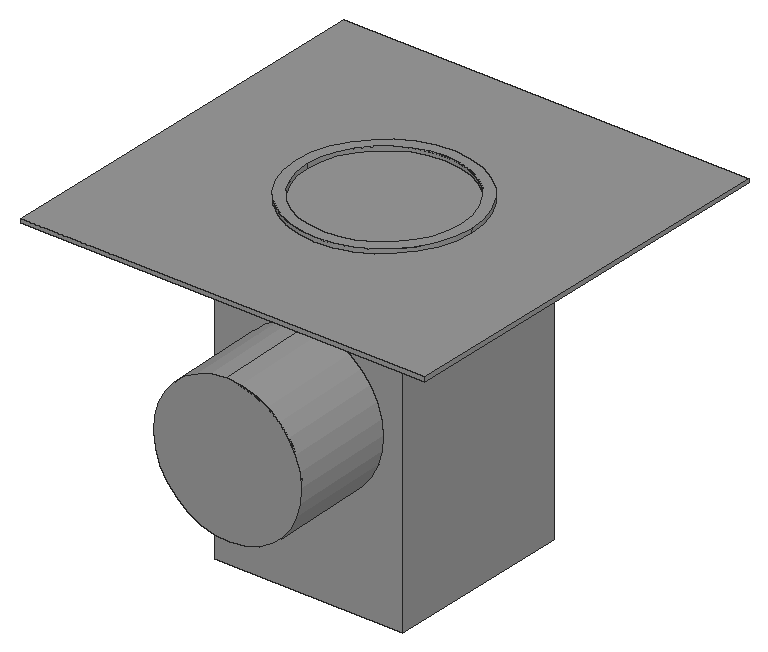
Revit family "RS521.100", category Sanitärinstallationen, Revit 2020
Family settings
  Bemaßung runder Anschluss = Durchmesser verwenden
  Teiletyp = Normal
  Arbeitsebenenbasiert = Nein
  Immer vertikal = Ja
  Beim Laden mit Abzugskörper schneiden = Nein
  Gemeinsam genutzt = Nein
  Raumberechnungspunkt = Nein
Parameters
  Übergangsbride [instance] = yes
  Zapfen RS518 [instance] = yes
  Vorgabe-Ansicht = 0 mm
  URL = "https://www.resitec.ch/"
  RS_s001 = 3 mm
  RS_dimH-mountplate [instance] = 10 mm
  RS_dimH-Rost [instance] = RS_Rost_h1 - 31 mm  # 69 mm
  RS_dim001 = 75 mm
  RS_dim002 = 125 mm
  RS_dim003 = RS_dim001 + 5 mm  # 80 mm
  RS_dia002 = 130 mm
  RS_dia001 = 114.3 mm
  RS_DVol-T = 300 mm
  RS_DVol-L = 300 mm
  RS_DN2 = 0 mm
  RS_DN1d [instance] = 110 mm
  RS_DN1 [instance] = 100 mm
  RS_AVol-T = 140 mm
  RS_AVol-L = 140 mm
  RS_AVol-H = 230 mm
  RS_URL = "https://www.resitec.ch/entwaesserungstechnik/"
  RS_Rost_h1 [instance] = 100 mm
  RS_Rost_Typ [instance] = "RS511.2.145"
  RS_Manufacture = "Resitec"  # constant formula
  RS_Description [instance] = "Bodenablauf aus rostfreiem Stahl 1.4404 (V4A)\r\ngebeizt, Typ RS 220/60 mit Schlitzrost barfuss\r\nbegehbar."
  RS_Articelnumber [instance] = "RD521.60"
  RS_Add_1 [instance] = ""
  RS641 Dichtung [instance] = yes
  Klebeblech mit Epoxidgrundierung = yes
  Hersteller = RS_Manufacture  # "Resitec"
  Description = ""
  Baugruppenkennzeichen = "D2030300"
  Anschlusswert DU L/s = 0
Reference planes
  plane 1 "Mitte (Vorne/hinten)": y = 0
  plane 2: z = 0
  plane 3 "Mitte (Links/rechts)": x = 0
  plane 4: z = 100
  plane 5: z = -230
  plane 6: z = 10
  plane 7: x = 150
  plane 8: y = 150
  plane 9: x = -150
  plane 10: y = -150
  plane 11: y = 70
  plane 12: x = 70
  plane 13: x = -70
  plane 14: y = -70
  plane 15: z = -105
  plane 16: y = -145
  plane 17: through (4267.2, -146.226, -58.176) normal (0, 0.9997, 0.0262)
  plane 18: z = 6
  plane 19: z = 86.968
  plane 20: z = 3
  plane 21: z = 69
Forms (mm)
  Extrusion 1, solid, material "Kautschuk", visible <- "RS641 Dichtung"
    sketch origin (0, 0, 0) x (1, 0, 0) y (0, 1, 0)
      loop
        circle (0, 0) r 65
      loop
        circle (0, 0) r 57.15
    from 3 to 6
  Extrusion 2, solid, material "Stahl, unlegiert"
    sketch origin (0, 0, 0) x (1, 0, 0) y (0, 1, 0)
      loop
        line (-70, 70) -> (-70, -70) -> (70, -70) -> (70, 70) -> (-70, 70)
    from -230 to 0
  Extrusion 3, solid, material "Stahl, unlegiert"
    sketch origin (4267.2, -144.961, -106.495) x (0, -0.026177, 0.999657) y (1, 0, 0)
      loop
        circle (-0.6, -4267.2) r 55
    from 0 to 80
  Extrusion 4, solid, material "Stahl, unlegiert"
    sketch origin (0, 0, 0) x (1, 0, 0) y (0, 1, 0)
      loop
        line (-150, 150) -> (-150, -150) -> (150, -150) -> (150, 150) -> (-150, 150)
      loop
        circle (0, 0) r 64.5
    from 0 to 3
Lines and regions (mm)
  reference lines
    curve 1: line (-60, 0, 0) -> (60, 0, 0)
    curve 2: line (0, 60, 0) -> (0, -60, 0)
    curve 3: line (-55.15, 0, 0) -> (55.15, 0, 0)
    curve 4: line (0, 55.15, 0) -> (0, -55.15, 0)
    curve 5: line (-70.5, 0, 0) -> (70.5, 0, 0)
    curve 6: line (0, -70.5, 0) -> (0, 70.5, 0)
Dimensions and locks
  "RS_Rost_h1": plane 4 to level
  equal spacing: Extrusion 1, Extrusion 1, level
  "RS_AVol-H": level to plane 5
  "RS_dimH-mountplate": plane 6 to level
  equal spacing: plane 8, plane 1 "Mitte (Vorne/hinten)", plane 10
  equal spacing: plane 9, plane 3 "Mitte (Links/rechts)", plane 7
  "RS_DVol-T": plane 8 to plane 10
  "RS_DVol-L": plane 9 to plane 7
  equal spacing: plane 13, plane 3 "Mitte (Links/rechts)", plane 12
  "RS_AVol-L": plane 13 to plane 12
  equal spacing: plane 11, plane 1 "Mitte (Vorne/hinten)", plane 14
  "RS_AVol-T": plane 11 to plane 14
  plane 1 "Mitte (Vorne/hinten)" to Extrusion 2 = 70 mm
  "RS_dim001": plane 16 to plane 14
  "RS_dim002": plane 15 to plane 5
  "RS_dim003": Extrusion 3 to plane 17
  plane 4 to plane 19 = 13.032 mm
  locked: plane 4 to plane 19 at 13.032
  "RS_s001": plane 20 to level
  "RS_dimH-Rost": plane 21 to level
  diameter of Extrusion 1 = 130 mm
  "RS_DN1d": diameter of Extrusion 3 sketch curve
  "RS_dia002": diameter of Extrusion 1 sketch curve
  "RS_dia001": diameter of Extrusion 1 sketch curve
  angle plane 16 to plane 17 = 1.50°
  angle plane 17 to plane 10 = 1.50°
  aligned and locked: level to plane 2
  aligned and locked: Extrusion 2 sketch curve to plane 11
  aligned and locked: Extrusion 2 sketch curve to plane 12
  aligned and locked: plane 13 to Extrusion 2 sketch curve
  aligned and locked: plane 14 to Extrusion 2 sketch curve
  aligned and locked: Extrusion 2 to plane 5
  aligned and locked: level to Extrusion 2
  aligned and locked: plane 2 to Extrusion 2
  aligned and locked: plane 18 to Extrusion 1
Automatic sketch dimensions
  plane 1 "Mitte (Vorne/hinten)" to curve 5 = 0 mm
  plane 1 "Mitte (Vorne/hinten)" to curve 1 = 0 mm
  plane 1 "Mitte (Vorne/hinten)" to curve 3 = 0 mm
  curve 2 to plane 3 "Mitte (Links/rechts)" = 0 mm
  curve 6 to plane 3 "Mitte (Links/rechts)" = 0 mm
  curve 4 to plane 3 "Mitte (Links/rechts)" = 0 mm
  curve 3 to plane 3 "Mitte (Links/rechts)" = 55.15 mm
  curve 1 to curve 3 = 4.85 mm
  curve 5 to curve 1 = 10.5 mm
  plane 3 "Mitte (Links/rechts)" to curve 3 = 55.15 mm
  curve 3 to curve 1 = 4.85 mm
  curve 1 to curve 5 = 10.5 mm
  plane 1 "Mitte (Vorne/hinten)" to curve 4 = 55.15 mm
  curve 2 to curve 4 = 4.85 mm
  curve 6 to curve 2 = 10.5 mm
  curve 4 to plane 1 "Mitte (Vorne/hinten)" = 55.15 mm
  curve 4 to curve 2 = 4.85 mm
  curve 2 to curve 6 = 10.5 mm
  Extrusion 4 sketch curve to plane 9 = 0 mm
  plane 1 "Mitte (Vorne/hinten)" to Extrusion 4 sketch curve = 0 mm
  Extrusion 4 sketch curve to plane 3 "Mitte (Links/rechts)" = 0 mm
  Extrusion 4 sketch curve to plane 7 = 0 mm
  Extrusion 4 sketch curve to plane 10 = 0 mm
  Extrusion 4 sketch curve to plane 8 = 0 mm
  Extrusion 1 sketch curve to Extrusion 1 sketch curve = 0 mm  (x2)
  plane 1 "Mitte (Vorne/hinten)" to Extrusion 1 sketch curve = 0 mm
  Extrusion 1 sketch curve to plane 3 "Mitte (Links/rechts)" = 0 mm
  Extrusion 3 sketch curve to plane 3 "Mitte (Links/rechts)" = 0 mm
  radius of Extrusion 4 sketch curve = 64.5 mm
Connectors
  piping at (0, -144.945, -107.094), diameter 100, driven by "RS_DN1"
    settings: on Extrusion 3, index 1, connector inside diameter 609.6 mm, connector length 0 mm, flow factor 0, pipe flow 0.0 L/s, pressure drop 0.0 Pa, fitting loss kfactor 0, connector angle 0.00°, fixture units 0, engagement length 0 mm, angle of deflection 0.00°, flow configuration 0, flow direction 2, fitting loss method 0, system type 16, joint type 0, gender type 0, connector reference index -1, connector utility 0, adjustable connector no, is connector primary yes, connector description ""
